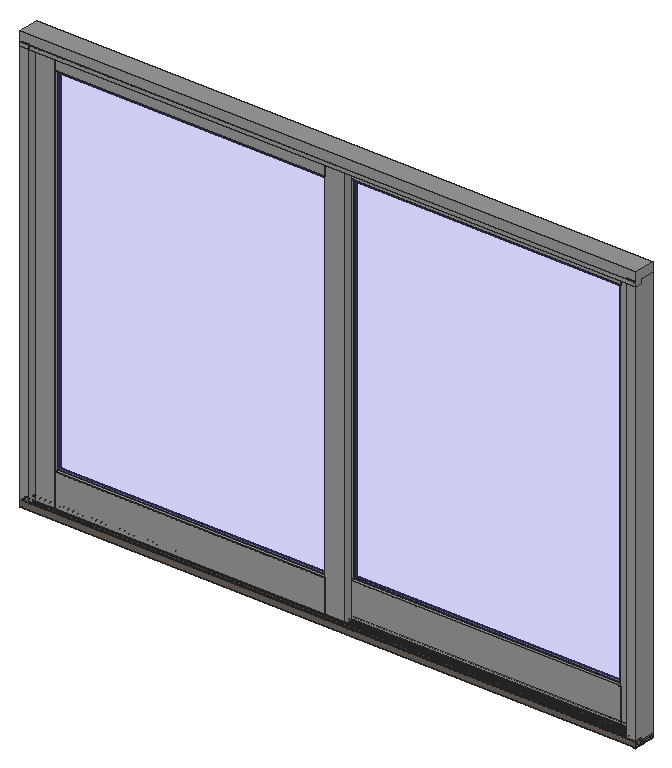
Revit family "VSDA3.0 RH", category Doors, host Wall, Revit 2015
Parameters (values of type "VSDA3.0 RH")
  Function = Interior
  Frame Projection Ext. = 25 mm
  Frame Projection Int. = 25 mm
  Frame Width = 75 mm
  Height = 2100 mm
  Wall Closure = By host
  Width = 3030 mm
Reference planes
  plane 1: y = 0
  plane 2 "Center (Left/Right)": x = 0
  plane 3 "Left": x = -1515
  plane 4 "Right": x = 1515
  plane 5: z = 2100
  plane 6 "Exterior": y = 75
  plane 7 "Interior": y = -75
Forms (mm)
  Extrusion 1, solid, material "Aluminium Cill (Bronze)"
    sketch origin (0, 79.18, -119.746) x (0, 1, 0) y (0, 0, 1)
      loop
        line (-26.68, 120.746) -> (-26.68, 135.746)
        arc (-26.68, 135.746) -> (-27.558, 137.867) -> (-29.68, 138.746) r 3
        line (-29.68, 138.746) -> (-40.947, 138.746)
        arc (-40.947, 138.746) -> (-42.68, 137.746) -> (-44.412, 138.746) r 2
        line (-44.412, 138.746) -> (-48.947, 138.746)
        arc (-48.947, 138.746) -> (-50.68, 137.746) -> (-52.412, 138.746) r 2
        line (-52.412, 138.746) -> (-56.947, 138.746)
        arc (-56.947, 138.746) -> (-58.68, 137.746) -> (-60.412, 138.746) r 2
        line (-60.412, 138.746) -> (-67.18, 138.746) -> (-67.18, 135.246)
        arc (-67.18, 135.246) -> (-67.619, 134.185) -> (-68.68, 133.746) r 1.5
        line (-68.68, 133.746) -> (-73.43, 133.746) -> (-73.43, 135.746) -> (-71.996, 135.746)
        arc (-71.996, 135.746) -> (-74.68, 138.746) -> (-77.363, 135.746) r 2.7
        line (-77.363, 135.746) -> (-75.93, 135.746) -> (-75.93, 133.746) -> (-80.68, 133.746)
        arc (-80.68, 133.746) -> (-81.74, 134.185) -> (-82.18, 135.246) r 1.5
        line (-82.18, 135.246) -> (-82.18, 138.746) -> (-90.432, 138.746) -> (-98.68, 138.746) -> (-98.68, 143.746)
        arc (-98.68, 143.746) -> (-99.18, 144.246) -> (-99.68, 143.746) r 0.5
        line (-99.68, 143.746) -> (-99.68, 142.734) -> (-100.88, 142.734) -> (-100.88, 150.246) -> (-99.68, 150.246) -> (-99.68, 149.246)
        arc (-99.68, 149.246) -> (-99.18, 148.746) -> (-98.68, 149.246) r 0.5
        line (-98.68, 149.246) -> (-98.68, 150.746)
        arc (-98.68, 150.746) -> (-98.972, 151.453) -> (-99.68, 151.746) r 1
        line (-99.68, 151.746) -> (-109.447, 151.746)
        arc (-109.447, 151.746) -> (-111.18, 150.746) -> (-112.912, 151.746) r 2
        line (-112.912, 151.746) -> (-117.447, 151.746)
        arc (-117.447, 151.746) -> (-119.18, 150.746) -> (-120.912, 151.746) r 2
        line (-120.912, 151.746) -> (-130.68, 151.746)
        arc (-130.68, 151.746) -> (-131.387, 151.453) -> (-131.68, 150.746) r 1
        line (-131.68, 150.746) -> (-131.68, 120.746)
        arc (-131.68, 120.746) -> (-131.387, 120.039) -> (-130.68, 119.746) r 1
        line (-130.68, 119.746) -> (-27.68, 119.746)
        arc (-27.68, 119.746) -> (-26.972, 120.039) -> (-26.68, 120.746) r 1
      loop
        line (-29.68, 137.246) -> (-40.23, 137.246)
        arc (-40.23, 137.246) -> (-42.68, 136.246) -> (-45.129, 137.246) r 3.5
        line (-45.129, 137.246) -> (-48.23, 137.246)
        arc (-48.23, 137.246) -> (-50.68, 136.246) -> (-53.129, 137.246) r 3.5
        line (-53.129, 137.246) -> (-56.23, 137.246)
        arc (-56.23, 137.246) -> (-58.68, 136.246) -> (-61.129, 137.246) r 3.5
        line (-61.129, 137.246) -> (-65.68, 137.246) -> (-65.68, 135.246)
        arc (-65.68, 135.246) -> (-66.558, 133.125) -> (-68.68, 132.246) r 3
        line (-68.68, 132.246) -> (-73.93, 132.246) -> (-73.93, 121.246) -> (-28.18, 121.246) -> (-28.18, 135.746)
        arc (-28.18, 135.746) -> (-28.619, 136.807) -> (-29.68, 137.246) r 1.5
      loop
        line (-75.43, 132.246) -> (-80.68, 132.246)
        arc (-80.68, 132.246) -> (-82.801, 133.125) -> (-83.68, 135.246) r 3
        line (-83.68, 135.246) -> (-83.68, 137.246) -> (-98.68, 137.246) -> (-98.68, 121.246) -> (-75.43, 121.246) -> (-75.43, 132.246)
      loop
        line (-100.18, 121.246) -> (-100.18, 141.246) -> (-102.38, 141.246) -> (-102.38, 150.246) -> (-108.73, 150.246)
        arc (-108.73, 150.246) -> (-111.18, 149.246) -> (-113.629, 150.246) r 3.5
        line (-113.629, 150.246) -> (-116.73, 150.246)
        arc (-116.73, 150.246) -> (-119.18, 149.246) -> (-121.629, 150.246) r 3.5
        line (-121.629, 150.246) -> (-130.18, 150.246) -> (-130.18, 121.246) -> (-100.18, 121.246)
    from -1515 to 1515
  Extrusion 2, solid, material "Lauan, Meranti"
    sketch origin (0, 0, 0) x (0, 1, 0) y (0, 0, 1)
      loop
        line (52.5, 2100) -> (-52.5, 2100) -> (-52.5, 2055) -> (-49.5, 2055) -> (-49.5, 2052) -> (-52.5, 2052) -> (-52.5, 2035) -> (-20.5, 2035) -> (-20.5, 2038.5) -> (-27.5, 2038.5) -> (-27.5, 2041.5) -> (-20.5, 2041.5) -> (-20.5, 2055) -> (32.5, 2055) -> (32.5, 2057) -> (52.5, 2057) -> (52.5, 2100)
    from -1515 to 1515
  Extrusion 3, solid, material "Lauan, Meranti"
    sketch origin (0, 0, 0) x (1, 0, 0) y (0, 1, 0)
      loop
        line (-1515, 52.5) -> (-1515, -52.5) -> (-1470, -52.5) -> (-1470, 32.5) -> (-1472, 32.5) -> (-1472, 52.5) -> (-1515, 52.5)
      loop
        line (1515, 52.5) -> (1472, 52.5) -> (1472, 32.5) -> (1470, 32.5) -> (1470, -52.5) -> (1515, -52.5) -> (1515, 52.5)
    from 32 to 2057
  Extrusion 4, solid, material "Lauan, Meranti"
    sketch origin (0, 0, 0) x (1, 0, 0) y (0, 1, 0)
      loop
        line (-1450, 32.5) -> (-1450, 52.5) -> (-1469, 52.5) -> (-1469, 49.5) -> (-1472, 49.5) -> (-1472, 32.5) -> (-1456.5, 32.5) -> (-1456.5, 39.5) -> (-1453.5, 39.5) -> (-1453.5, 32.5) -> (-1450, 32.5)
    from 2035 to 19
  Extrusion 5, solid, material "Lauan, Meranti"
    sketch origin (0, 0, 0) x (1, 0, 0) y (0, 1, 0)
      loop
        line (-1515, 52.5) -> (-1515, -19.5) -> (-1470, -19.5) -> (-1470, 32.5) -> (-1472, 32.5) -> (-1472, 52.5) -> (-1515, 52.5)
      loop
        line (1515, 52.5) -> (1472, 52.5) -> (1472, 32.5) -> (1470, 32.5) -> (1470, -19.5) -> (1515, -19.5) -> (1515, 52.5)
    from 19 to 32
  Extrusion 6, solid, material "Lauan, Meranti"
    sketch origin (280, 0, 0) x (0, 1, 0) y (0, 0, 1)
      loop
        line (52.5, 2054) -> (49.5, 2054) -> (49.5, 2057) -> (32.5, 2057) -> (32.5, 2041.5) -> (39.5, 2041.5) -> (39.5, 2038.5) -> (32.5, 2038.5) -> (32.5, 2035) -> (52.5, 2035) -> (52.5, 2054)
    from -1752 to -332.5
  Extrusion 7, solid, material "Lauan, Meranti"
    sketch origin (0, 148.121, 19) x (1, 0, 0) y (0, 1, 0)
      loop
        line (-43.5, -163.621) -> (52.5, -163.621) -> (52.5, -123.621) -> (-43.5, -123.621) -> (-43.5, -153.621) -> (-52.5, -153.621) -> (-52.5, -155.621) -> (-50.5, -155.621)
        arc (-50.5, -155.621) -> (-48.235, -160.061) -> (-43.5, -161.621) r 6.549
        line (-43.5, -161.621) -> (-43.5, -163.621)
      loop
        line (43.5, -117.121) -> (43.5, -115.121)
        arc (43.5, -115.121) -> (48.235, -113.561) -> (50.5, -109.121) r 6.549
        line (50.5, -109.121) -> (52.5, -109.121) -> (52.5, -107.121) -> (43.5, -107.121) -> (43.5, -77.121) -> (-52.5, -77.121) -> (-52.5, -117.121) -> (43.5, -117.121)
      loop
        line (-1374, -163.621) -> (-1374, -161.621)
        arc (-1374, -161.621) -> (-1369.265, -160.061) -> (-1367, -155.621) r 6.549
        line (-1367, -155.621) -> (-1365, -155.621) -> (-1365, -153.621) -> (-1374, -153.621) -> (-1374, -123.621) -> (-1470, -123.621) -> (-1470, -163.621) -> (-1374, -163.621)
      loop
        line (1374, -117.121) -> (1470, -117.121) -> (1470, -77.121) -> (1374, -77.121) -> (1374, -107.121) -> (1365, -107.121) -> (1365, -109.121) -> (1367, -109.121)
        arc (1367, -109.121) -> (1369.265, -113.561) -> (1374, -115.121) r 6.549
        line (1374, -115.121) -> (1374, -117.121)
    from 0 to 2036
  Extrusion 8, solid, material "Lauan, Meranti"
    sketch origin (0, 0, 0) x (0, 1, 0) y (0, 0, 1)
      loop
        line (-15.5, 190) -> (-15.5, 19) -> (24.5, 19) -> (24.5, 190) -> (-5.5, 190) -> (-5.5, 199) -> (-7.5, 199) -> (-7.5, 197)
        arc (-7.5, 197) -> (-11.866, 194.67) -> (-13.5, 190) r 6.807
        line (-13.5, 190) -> (-15.5, 190)
      loop
        line (-7.5, 1952) -> (-7.5, 1950) -> (-5.5, 1950) -> (-5.5, 1959) -> (24.5, 1959) -> (24.5, 2055) -> (-15.5, 2055) -> (-15.5, 1959) -> (-13.5, 1959)
        arc (-13.5, 1959) -> (-11.866, 1954.33) -> (-7.5, 1952) r 6.807
    from -1374 to -43.5
  Extrusion 9, solid, material "Lauan, Meranti"
    sketch origin (1020, 46.5, 0) x (0, 1, 0) y (0, 0, 1)
      loop
        line (-15.5, 190) -> (-15.5, 19) -> (24.5, 19) -> (24.5, 190) -> (-5.5, 190) -> (-5.5, 199) -> (-7.5, 199) -> (-7.5, 197)
        arc (-7.5, 197) -> (-11.866, 194.67) -> (-13.5, 190) r 6.807
        line (-13.5, 190) -> (-15.5, 190)
      loop
        line (-7.5, 1952) -> (-7.5, 1950) -> (-5.5, 1950) -> (-5.5, 1959) -> (24.5, 1959) -> (24.5, 2055) -> (-15.5, 2055) -> (-15.5, 1959) -> (-13.5, 1959)
        arc (-13.5, 1959) -> (-11.866, 1954.33) -> (-7.5, 1952) r 6.807
    from -976.5 to 354
  Sweep 10, solid, material "Lauan, Meranti"
    path origin (255.605, -75, -781.763) x (1, 0, 0) y (0, 0, 1)
      loop
        line (-212.105, 2740.763) -> (-212.105, 971.763) -> (1118.395, 971.763) -> (1118.395, 2740.763) -> (-212.105, 2740.763)
    profile origin (708.75, -75, 1959) x (0, 0, 1) y (0, -1, 0)
      loop
        line (-9, -124.5) -> (-9, -126.5) -> (-7, -126.5)
        arc (-7, -126.5) -> (-4.67, -130.866) -> (0, -132.5) r 6.807
        line (0, -132.5) -> (0, -124.5) -> (-9, -124.5)
  Extrusion 11, solid, material "Glass"
    sketch origin (528.125, -64.05, -73.649) x (1, 0, 0) y (0, 0, 1)
      loop
        line (-484.625, 2032.649) -> (-484.625, 263.649) -> (845.875, 263.649) -> (845.875, 2032.649) -> (-484.625, 2032.649)
    from -112.5 to -106.1
  Sweep 12, solid, material "Lauan, Meranti"
    path origin (-436.503, -75, -980.222) x (1, 0, 0) y (0, 0, 1)
      loop
        line (-937.497, 2939.222) -> (-937.497, 1170.222) -> (393.003, 1170.222) -> (393.003, 2939.222) -> (-937.497, 2939.222)
    profile origin (-708.75, -75, 1959) x (0, 0, 1) y (0, -1, 0)
      loop
        line (-9, -78) -> (-9, -80) -> (-7, -80)
        arc (-7, -80) -> (-4.67, -84.366) -> (0, -86) r 6.807
        line (0, -86) -> (0, -78) -> (-9, -78)
  Extrusion 13, solid, material "Glass"
    sketch origin (-77.007, -110.55, 134.714) x (1, 0, 0) y (0, 0, 1)
      loop
        line (-1296.993, 1824.286) -> (-1296.993, 55.286) -> (33.507, 55.286) -> (33.507, 1824.286) -> (-1296.993, 1824.286)
    from -112.5 to -106.1
Cuts and joins
  joined: Extrusion 3, Extrusion 5
Lines and regions (mm)
  Opening 1
    outline origin (-3050, -75, 0) x (1, 0, 0) y (0, 0, 1)
      loop
        line (1535, 0) -> (4565, 0) -> (4565, 2100) -> (1535, 2100) -> (1535, 0)
  model lines
    curve 1: line (-869.078, 99.5, 1050) -> (-529.078, 99.5, 1050)
    curve 2: line (-390, 99.5, 1050) -> (-529.078, 99.5, 1106.191)
    curve 3: line (-529.078, 99.5, 1106.191) -> (-529.078, 99.5, 993.809)
    curve 4: line (-390, 99.5, 1050) -> (-529.078, 99.5, 993.809)
Text (mm)
  text "Exterior" at (-2295.016, 1099.543, 0), in view "Ref. Level"
  text "Exterior" at (0, 1615.38, 3698.081), in view "Left"
  text "Exterior" at (0, 1036.032, 3874.932), in view "Right"
Dimensions and locks
  equal spacing: plane 3 "Left", plane 2 "Center (Left/Right)", plane 4 "Right"
  "Width": plane 3 "Left" to plane 4 "Right"
  "Height": plane 5 to host wall
  host wall to plane 5 = 2100 mm  (x2)
  locked: plane 6 "Exterior" to host wall at 0
  locked: plane 7 "Interior" to host wall
  plane 3 "Left" to plane 4 "Right" = 3030 mm
  aligned and locked: plane 3 "Left" to Opening 1 sketch curve
  aligned and locked: plane 5 to Opening 1 sketch curve  (x2)
  aligned and locked: Opening 1 sketch curve to plane 4 "Right"
  aligned and locked: Opening 1 sketch curve to level
  aligned and locked: plane 1 to host wall
  aligned and locked: Extrusion 1 to host wall  (x2)
  aligned and locked: Extrusion 2 to host wall  (x2)
  aligned and locked: Extrusion 5 to Extrusion 1  (x2)
  aligned and locked: Extrusion 4 to Extrusion 1
  aligned and locked: Extrusion 3 to Extrusion 1
  aligned and locked: Extrusion 3 to Extrusion 2
  aligned and locked: Extrusion 4 to Extrusion 2
  aligned and locked: Extrusion 8 to Extrusion 7
  aligned and locked: Extrusion 9 to Extrusion 7
  aligned and locked: Sweep 10 sketch curve to Extrusion 9
  aligned and locked: Extrusion 7 to Sweep 10 sketch curve
  aligned and locked: Extrusion 9 to Sweep 10 sketch curve
  aligned and locked: Extrusion 11 to Extrusion 7
  aligned and locked: Extrusion 11 to Extrusion 8
  aligned and locked: Extrusion 8 to Extrusion 11
  aligned and locked: Extrusion 8 to Sweep 12 sketch curve  (x2)
  aligned and locked: Extrusion 7 to Sweep 12 sketch curve
Automatic sketch dimensions
  Extrusion 1 sketch curve to level = 0 mm
  level to Extrusion 1 sketch curve = 1 mm
  Extrusion 1 sketch curve to host wall = 22.5 mm
  Extrusion 1 sketch curve to Extrusion 1 sketch curve = 1 mm  (x7)
  Extrusion 1 sketch curve to Extrusion 1 sketch curve = 0.5 mm  (x8)
  Extrusion 1 sketch curve to Extrusion 1 sketch curve = 8.551 mm
  Extrusion 1 sketch curve to Extrusion 1 sketch curve = 0.717 mm  (x10)
  Extrusion 1 sketch curve to Extrusion 1 sketch curve = 1.732 mm  (x10)
  Extrusion 1 sketch curve to Extrusion 1 sketch curve = 0 mm  (x26)
  Extrusion 1 sketch curve to Extrusion 1 sketch curve = 3.101 mm  (x3)
  Extrusion 1 sketch curve to Extrusion 1 sketch curve = 6.351 mm
  Extrusion 1 sketch curve to Extrusion 1 sketch curve = 1.5 mm  (x15)
  Extrusion 1 sketch curve to Extrusion 1 sketch curve = 0.7 mm
  level to Extrusion 1 sketch curve = 1.5 mm  (x3)
  Extrusion 1 sketch curve to Extrusion 1 sketch curve = 1.2 mm  (x2)
  Extrusion 1 sketch curve to Extrusion 1 sketch curve = 8.248 mm
  host wall to Extrusion 1 sketch curve = 4.5 mm
  host wall to Extrusion 1 sketch curve = 1.5 mm  (x2)
  Extrusion 1 sketch curve to host wall = 1.817 mm
  Extrusion 1 sketch curve to Extrusion 1 sketch curve = 1.433 mm  (x3)
  Extrusion 1 sketch curve to host wall = 3.75 mm
  Extrusion 1 sketch curve to Extrusion 1 sketch curve = 1.25 mm  (x2)
  Extrusion 1 sketch curve to Extrusion 1 sketch curve = 3.317 mm
  Extrusion 1 sketch curve to Extrusion 1 sketch curve = 4.551 mm
  Extrusion 1 sketch curve to Extrusion 1 sketch curve = 10.551 mm
  Extrusion 1 sketch curve to Extrusion 1 sketch curve = 11 mm
  Extrusion 1 sketch curve to Extrusion 1 sketch curve = 14.5 mm
  Extrusion 1 sketch curve to Extrusion 1 sketch curve = 2 mm  (x4)
  Extrusion 1 sketch curve to Extrusion 1 sketch curve = 0.3 mm
  Extrusion 1 sketch curve to Extrusion 1 sketch curve = 2.5 mm
  Extrusion 1 sketch curve to Extrusion 1 sketch curve = 1.488 mm
  Extrusion 1 sketch curve to Extrusion 1 sketch curve = 1.012 mm
  Extrusion 1 sketch curve to Extrusion 1 sketch curve = 5.5 mm
  plane 5 to Extrusion 2 sketch curve = 0 mm
  Extrusion 2 sketch curve to host wall = 22.5 mm
  Extrusion 2 sketch curve to Extrusion 2 sketch curve = 0 mm  (x2)
  Extrusion 2 sketch curve to Extrusion 2 sketch curve = 3 mm  (x3)
  Extrusion 2 sketch curve to Extrusion 2 sketch curve = 22 mm
  Extrusion 2 sketch curve to Extrusion 2 sketch curve = 7 mm  (x2)
  Extrusion 2 sketch curve to host wall = 32.5 mm
  Extrusion 2 sketch curve to Extrusion 2 sketch curve = 20 mm
  plane 5 to Extrusion 2 sketch curve = 43 mm
  plane 5 to Extrusion 2 sketch curve = 45 mm
  Extrusion 2 sketch curve to Extrusion 2 sketch curve = 13.5 mm
  Extrusion 2 sketch curve to Extrusion 2 sketch curve = 17 mm
  Extrusion 3 sketch curve to plane 3 "Left" = 0 mm
  Extrusion 3 sketch curve to plane 4 "Right" = 0 mm
  Extrusion 3 sketch curve to plane 3 "Left" = 43 mm
  Extrusion 3 sketch curve to Extrusion 3 sketch curve = 45 mm  (x2)
  Extrusion 3 sketch curve to Extrusion 3 sketch curve = 2 mm
  Extrusion 3 sketch curve to host wall = 22.5 mm  (x3)
  Extrusion 3 sketch curve to host wall = 32.5 mm  (x2)
  Extrusion 3 sketch curve to Extrusion 3 sketch curve = 20 mm
  Extrusion 4 sketch curve to plane 3 "Left" = 43 mm
  Extrusion 4 sketch curve to Extrusion 4 sketch curve = 3 mm  (x2)
  Extrusion 4 sketch curve to Extrusion 4 sketch curve = 15.5 mm
  Extrusion 4 sketch curve to Extrusion 4 sketch curve = 3.5 mm
  Extrusion 4 sketch curve to host wall = 32.5 mm
  Extrusion 4 sketch curve to Extrusion 4 sketch curve = 0 mm
  Extrusion 4 sketch curve to Extrusion 4 sketch curve = 7 mm
  Extrusion 4 sketch curve to Extrusion 4 sketch curve = 17 mm
  Extrusion 4 sketch curve to Extrusion 4 sketch curve = 13 mm
  Extrusion 5 sketch curve to plane 3 "Left" = 0 mm
  Extrusion 5 sketch curve to plane 4 "Right" = 0 mm
  Extrusion 5 sketch curve to Extrusion 5 sketch curve = 43 mm
  host wall to Extrusion 5 sketch curve = 19.5 mm  (x2)
  Extrusion 5 sketch curve to Extrusion 5 sketch curve = 45 mm
  plane 4 "Right" to Extrusion 5 sketch curve = 45 mm
  Extrusion 5 sketch curve to Extrusion 5 sketch curve = 2 mm
  Extrusion 5 sketch curve to host wall = 32.5 mm  (x2)
  Extrusion 5 sketch curve to Extrusion 5 sketch curve = 20 mm  (x2)
  curve 4 to plane 2 "Center (Left/Right)" = 529.078 mm
  curve 1 to curve 4 = 139.078 mm
  level to curve 4 = 993.809 mm
  curve 3 to curve 2 = 56.191 mm
  curve 3 to curve 3 = 112.382 mm
  curve 1 to curve 1 = 340 mm
  curve 1 to curve 2 = 56.191 mm
  Extrusion 6 sketch curve to host wall = 32.5 mm
  Extrusion 6 sketch curve to Extrusion 6 sketch curve = 0 mm
  Extrusion 6 sketch curve to Extrusion 6 sketch curve = 7 mm
  Extrusion 6 sketch curve to Extrusion 6 sketch curve = 17 mm
  Extrusion 6 sketch curve to Extrusion 6 sketch curve = 3 mm  (x3)
  plane 5 to Extrusion 6 sketch curve = 65 mm
  Extrusion 6 sketch curve to Extrusion 6 sketch curve = 3.5 mm
  Extrusion 6 sketch curve to Extrusion 6 sketch curve = 12.5 mm
  Extrusion 7 sketch curve to plane 3 "Left" = 45 mm
  host wall to Extrusion 7 sketch curve = 13.5 mm
  Extrusion 7 sketch curve to Extrusion 7 sketch curve = 96 mm
  Extrusion 7 sketch curve to Extrusion 7 sketch curve = 0 mm  (x3)
  Extrusion 7 sketch curve to Extrusion 7 sketch curve = 0.473 mm  (x6)
  Extrusion 7 sketch curve to Extrusion 7 sketch curve = 6.527 mm  (x4)
  Extrusion 7 sketch curve to Extrusion 7 sketch curve = 2 mm  (x8)
  host wall to Extrusion 7 sketch curve = 7.5 mm  (x2)
  Extrusion 7 sketch curve to plane 2 "Center (Left/Right)" = 52.5 mm
  plane 2 "Center (Left/Right)" to Extrusion 7 sketch curve = 43.5 mm
  Extrusion 7 sketch curve to host wall = 4 mm  (x2)
  Extrusion 7 sketch curve to Extrusion 7 sketch curve = 9 mm
  Extrusion 7 sketch curve to host wall = 36 mm
  plane 4 "Right" to Extrusion 7 sketch curve = 150 mm
  plane 4 "Right" to Extrusion 7 sketch curve = 45 mm
  Extrusion 7 sketch curve to Extrusion 7 sketch curve = 6 mm  (x2)
  Extrusion 7 sketch curve to Extrusion 7 sketch curve = 1.468 mm  (x4)
  Extrusion 7 sketch curve to host wall = 24.5 mm  (x2)
  Extrusion 7 sketch curve to Extrusion 7 sketch curve = 6.5 mm
  Extrusion 7 sketch curve to host wall = 31 mm
  host wall to Extrusion 8 sketch curve = 15.5 mm  (x2)
  Extrusion 8 sketch curve to Extrusion 8 sketch curve = 2 mm  (x6)
  host wall to Extrusion 8 sketch curve = 7.5 mm  (x2)
  host wall to Extrusion 8 sketch curve = 6.697 mm  (x2)
  Extrusion 8 sketch curve to host wall = 24.5 mm  (x2)
  level to Extrusion 8 sketch curve = 19 mm
  Extrusion 8 sketch curve to Extrusion 8 sketch curve = 171 mm
  Extrusion 8 sketch curve to Extrusion 8 sketch curve = 0 mm
  Extrusion 8 sketch curve to Extrusion 8 sketch curve = 0.241 mm  (x2)
  plane 5 to Extrusion 8 sketch curve = 150 mm
  Extrusion 8 sketch curve to Extrusion 8 sketch curve = 6.759 mm
  plane 5 to Extrusion 8 sketch curve = 45 mm
  Extrusion 9 sketch curve to host wall = 31 mm  (x2)
  Extrusion 9 sketch curve to Extrusion 9 sketch curve = 2 mm  (x6)
  Extrusion 9 sketch curve to Extrusion 9 sketch curve = 6 mm  (x2)
  Extrusion 9 sketch curve to Extrusion 9 sketch curve = 0.803 mm
  Extrusion 9 sketch curve to Extrusion 9 sketch curve = 6.803 mm
  Extrusion 9 sketch curve to host wall = 4 mm  (x2)
  level to Extrusion 9 sketch curve = 19 mm
  Extrusion 9 sketch curve to Extrusion 9 sketch curve = 171 mm
  Extrusion 9 sketch curve to Extrusion 9 sketch curve = 0 mm
  Extrusion 9 sketch curve to Extrusion 9 sketch curve = 0.241 mm  (x2)
  plane 5 to Extrusion 9 sketch curve = 150 mm
  Extrusion 9 sketch curve to Extrusion 9 sketch curve = 6.759 mm
  plane 5 to Extrusion 9 sketch curve = 45 mm
  profile plane to Sweep 10 sketch curve = 0 mm
  profile plane to Sweep 10 sketch curve = 0.241 mm
  Sweep 10 sketch curve to Sweep 10 sketch curve = 6.759 mm
  Sweep 10 sketch curve to Sweep 10 sketch curve = 2 mm  (x2)
  Sweep 10 sketch curve to profile plane = 132.5 mm
  Sweep 10 sketch curve to Sweep 10 sketch curve = 6 mm
  plane 2 "Center (Left/Right)" to Extrusion 11 sketch curve = 43.5 mm
  level to Extrusion 11 sketch curve = 190 mm
  plane 4 "Right" to Extrusion 11 sketch curve = 141 mm
  plane 5 to Extrusion 11 sketch curve = 141 mm
  profile plane to Sweep 12 sketch curve = 0 mm
  profile plane to Sweep 12 sketch curve = 0.241 mm
  Sweep 12 sketch curve to Sweep 12 sketch curve = 6.759 mm
  Sweep 12 sketch curve to Sweep 12 sketch curve = 2 mm  (x2)
  Sweep 12 sketch curve to profile plane = 86 mm
  Sweep 12 sketch curve to Sweep 12 sketch curve = 6 mm
  level to Extrusion 13 sketch curve = 190 mm
  Extrusion 13 sketch curve to plane 3 "Left" = 141 mm
  Extrusion 13 sketch curve to plane 2 "Center (Left/Right)" = 43.5 mm
  plane 5 to Extrusion 13 sketch curve = 141 mm
  Sweep 12 sketch curve to plane 3 "Left" = 141 mm
  plane 4 "Right" to Sweep 10 sketch curve = 141 mm
